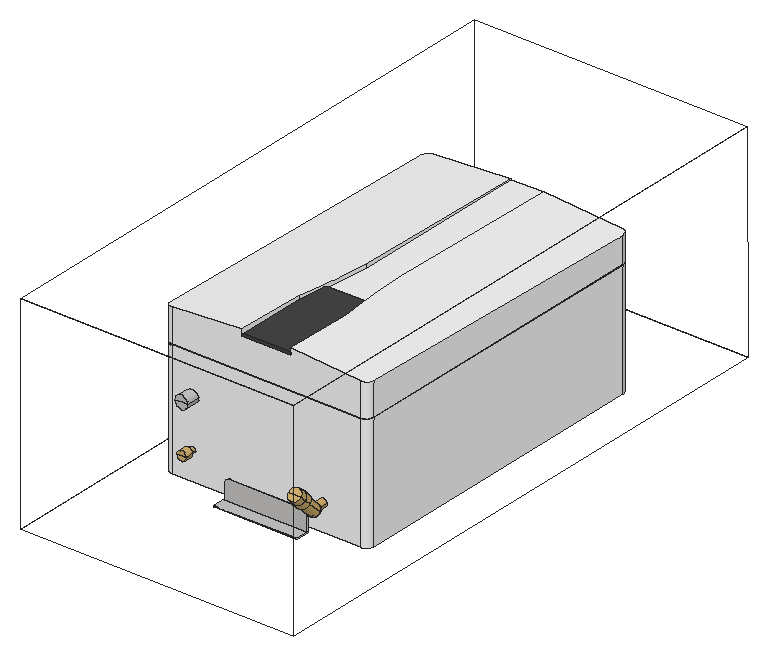
Revit family "Water_Heater-Navien-Condensing-NPE-S2", category Mechanical Equipment, host Face, Revit 2019
Family settings
  Host = Face
  Round Connector Dimension = Use Diameter
  Part Type = Normal
  OmniClass Number = 23.65.35.11
  OmniClass Title = Supply Water Heaters
  Cut with Voids When Loaded = No
  Shared = No
  Room Calculation Point = No
Parameters (values of type "NPE-150S2")
  Width = 17.30"  # constant formula
  Wi-Fi Ready = "NaviLink Wi‑Fi Control: This add-on accessory enables access to control temperatures remotely, access usage data and receive diagnostic notifications via smartphone or tablet."  # constant formula
  Weight = if(Constraints = 1, 73.00 lbf, if(Constraints = 2, 77.00 lbf, if(Constraints = 3, 77.00 lbf, 62.00 lbf)))  # 62.00 lbf
  Water Pressure = "15-150 psi"  # constant formula
  Warranty Note = "Heat Exchangers: 15 years limited warranty (Residential) | Parts: 5 years (Residential)"  # constant formula
  Warranty = "https://www.navieninc.com/warranties"
  Voltage = 120 V
  Version = "2019 - v1.0.a"  # constant formula
  Venting Type = "2\" or 3\" PVC, CPVC, approved polypropylene and stainless steel"  # constant formula
  Venting = "No Venting (Outdoor Installation Only)"  # constant formula
  URL = "https://www.navieninc.com"
  Propane Gas Supply Pressure = "8.0\" to 13\" WC"  # constant formula
  Propane Gas Manifold Pressure = if(Constraints = 1, "0.03\" to 0.55\" WC", if(Constraints = 2, "0.02\" to 0.76\" WC", if(Constraints = 3, "0.02\" to 0.96\" WC", "0.03\" to 0.40\" WC")))  # "0.03\" to 0.40\" WC"
  Product Page URL = "https://www.navieninc.com/products/npe-150s2"
  Product Name = "NPE-S2 Standard Series Tankless Water Heaters"  # constant formula
  Product Documentation Link = "https://www.navieninc.com/downloads/npe-2-quickfacts-en"
  Power Factor = 1
  Phase = 1
  Number of Poles = 1
  Natural Gas Supply Pressure = "3.5\" to 10.5\" WC"  # constant formula
  Natural Gas Manifold Pressure = if(Constraints = 1, "0.03\" to 0.55\" WC", if(Constraints = 2, "0.03\" to 0.76\" WC", if(Constraints = 3, "0.03\" to 0.96\" WC", "0.04\" to 0.40\" WC")))  # "0.04\" to 0.40\" WC"
  Model = if(Constraints = 1, "NPE-180S2", if(Constraints = 2, "NPE-210S2", if(Constraints = 3, "NPE-240S2", "NPE-150S2")))  # "NPE-150S2"
  Material = ""
  Manufacturer Phone Number = "(949) 420-0420"  # constant formula
  Manufacturer Fax Number = "(949) 420-0430"  # constant formula
  Manufacturer Address = "20 Goodyear, Irvine, CA 92618"  # constant formula
  Manufacturer = "Navien, Inc."  # constant formula
  Keynote = "22 33 00.A1"
  Intake = if([2" Exhaust/Intake], 2", 3")  # 2"
  Installation Type = "Outdoor Wall-Hung Only"  # constant formula
  Ignition = "Electronic ignition"  # constant formula
  Hot Water Inlet = 0.75"  # constant formula
  Height = 28.80"  # constant formula
  Heating Capacity Note = if(Constraints = 1, "10,000 to 150,000 BTUh", if(Constraints = 2, "12,000 to 180,000 BTUh", if(Constraints = 3, "13,300 to 199,990 BTUh", "18,000 to 120,000 BTUh")))  # "18,000 to 120,000 BTUh"
  Heating Capacity = 120000.0 Btu/h
  Gas Inlet = 3/4"  # constant formula
  Frequency = 60 Hz
  Finish = Metal - Navien - White
  Exhaust = if([2" Exhaust/Intake], 2", 3")  # 2"
  Description = "NPE-S2 Standard Condensing Tankless Gas Water Heaters"  # constant formula
  Depth = 13.20"  # constant formula
  Default Elevation = 48.00"
  Constraints = 4
  Cold Water Inlet = 0.75"  # constant formula
  Certifications = "Energy Star | AHRI | CSA | ASME | CSA Blue Star | CSA Blue Flame"  # constant formula
  Copyright = "All contents copyright © Navien Inc."  # constant formula
  Clearance [instance] = yes
  Assembly Code = "D3010500"
  Apparent Load = 0 VA
  3" Exhaust/Intake = not([2" Exhaust/Intake])  # no
  2" Exhaust/Intake = yes
Types (5): name | Weight | Propane Gas Manifold Pressure | Product Page URL | Natural Gas Manifold Pressure | Model | Heating Capacity Note | Heating Capacity | Constraints
  (no name) | 62.00 lbf | "0.03\" to 0.40\" WC" | "https://www.navieninc.com/products/npe-150s2" | "0.04\" to 0.40\" WC" | "NPE-150S2" | "18,000 to 120,000 BTUh" | 120000.0 Btu/h | 4
  NPE-150S2 | 62.00 lbf | "0.03\" to 0.40\" WC" | "https://www.navieninc.com/products/npe-150s2" | "0.04\" to 0.40\" WC" | "NPE-150S2" | "18,000 to 120,000 BTUh" | 120000.0 Btu/h | 4
  NPE-180S2 | 73.00 lbf | "0.03\" to 0.55\" WC" | "https://www.navieninc.com/products/npe-180s2" | "0.03\" to 0.55\" WC" | "NPE-180S2" | "10,000 to 150,000 BTUh" | 180000.0 Btu/h | 1
  NPE-210S2 | 77.00 lbf | "0.02\" to 0.76\" WC" | "https://www.navieninc.com/products/npe-210s2" | "0.03\" to 0.76\" WC" | "NPE-210S2" | "12,000 to 180,000 BTUh" | 199900.0 Btu/h | 2
  NPE-240S2 | 77.00 lbf | "0.02\" to 0.96\" WC" | "https://www.navieninc.com/products/npe-240s2" | "0.03\" to 0.96\" WC" | "NPE-240S2" | "13,300 to 199,990 BTUh" | 199900.0 Btu/h | 3
Reference planes (in)
  plane 1 "Center (Front/Back)": y = -4.04488
  plane 2: z = 0
  plane 3 "Center (Left/Right)": x = 0
  plane 4: y = 23.35512
  plane 5: z = 4.13479
  plane 6: z = 2.83479
  plane 7: z = 6.93479
  plane 8: x = -4.3
  plane 9: x = -1.1
  plane 10: x = 3.8
  plane 11: x = -1.58309
  plane 12: x = -0.61691
  plane 13: x = -8.65
  plane 14: x = 8.65
  plane 15: y = -5.54777
  plane 16: z = 13.63479
  plane 17: x = -6.35
  plane 18: x = 4.95
Forms (in)
  Extrusion 1, solid, material "Clearances - Navien", visible <- "Clearance"
    sketch origin (1.63086, 30.79844, 2.11678) x (0, 1, 0) y (-1, 0, 0)
      loop
        line (1.55667, 13.28086) -> (-46.84333, 13.28086) -> (-46.84333, -10.01914) -> (1.55667, -10.01914) -> (1.55667, 13.28086)
    from -2.11678 to 15.51801
  Extrusion 2, solid, material "Metal - Navien - White" <- "Finish", detail levels medium+fine
    sketch origin (0, 19.32383, 4.3925) x (0, 1, 0) y (-1, 0, 0)
      loop
        arc (4.03128, 8.01152) -> (3.84428, 8.46299) -> (3.3928, 8.65) r 0.63848
        line (3.3928, 8.65) -> (-23.08383, 8.65)
        arc (-23.08383, 8.65) -> (-23.53638, 8.46255) -> (-23.72383, 8.01) r 0.64
        line (-23.72383, 8.01) -> (-23.72383, -8.01)
        arc (-23.72383, -8.01) -> (-23.53638, -8.46255) -> (-23.08383, -8.65) r 0.64
        line (-23.08383, -8.65) -> (3.39128, -8.65)
        arc (3.39128, -8.65) -> (3.84383, -8.46255) -> (4.03128, -8.01) r 0.64
        line (4.03128, -8.01) -> (4.03128, 8.01152)
    from -3.95771 to 9.24229
  Extrusion 3, void
    sketch origin (0, -4.65537, 0.00239) x (1, 0, 0) y (0, 0.01873, 0.999825)
      loop
        line (-8.72631, 16.37015) -> (-8.72631, 13.06)
        arc (-8.72631, 13.06) -> (-0.03825, 13.5643) -> (8.65, 13.06305) r 75.31953
        line (8.65, 13.06305) -> (8.65, 16.37015) -> (-8.72631, 16.37015)
    from -30.16564 to 0
  Extrusion 4, solid, material "Metal - Navien - Stainless Steel"
    sketch origin (0, 19.32383, 4.3925) x (0, 1, 0) y (-1, 0, 0)
      loop
        arc (5.57658, 3.42656) -> (5.53922, 3.51678) -> (5.449, 3.55414) r 0.12758
        line (5.449, 3.55414) -> (4.03128, 3.55414) -> (4.03128, -3.55364) -> (5.44658, -3.55364)
        arc (5.44658, -3.55364) -> (5.53851, -3.51557) -> (5.57658, -3.42364) r 0.13
        line (5.57658, -3.42364) -> (5.57658, 3.42656)
    from -4.3925 to -4.34573
  Extrusion 5, solid, material "Metal - Navien - Brass, Soft Yellow"
    sketch origin (-1.77467, -4.04488, -1.96398) x (1, 0, 0) y (0, 0, 1)
      loop
        line (-3.9486, 5.4353) -> (-5.22362, 5.4353) -> (-5.22362, 4.19878) -> (-3.9486, 4.19878) -> (-3.9486, 5.4353)
    from 0 to 0.16762
  Revolve 6, solid, material "Metal - Navien - Brass, Soft Yellow"
    sketch origin (-15.42188, -184.40002, 2.83479) x (-1, 0, 0) y (0, -1, 0)
      loop
        line (-9.46599, -178.93223) -> (-9.46599, -179.54313) -> (-9.34567, -179.54313) -> (-9.34567, -180.18749) -> (-9.07188, -180.18749) -> (-9.07188, -178.93223) -> (-9.46599, -178.93223)
      axis (-9.07188, -178.93223) -> (-9.07188, -180.18749)
    angle from 0 to 360
  Revolve 7, solid, material "Metal - Navien - Stainless Steel"
    sketch origin (-7.55911, -184.40002, 6.93479) x (-1, 0, 0) y (0, -1, 0)
      loop
        line (-1.20911, -178.90209) -> (-1.75224, -178.90209) -> (-1.75224, -180.23014) -> (-1.20911, -180.23014) -> (-1.20911, -178.90209)
      axis (-1.20911, -178.90209) -> (-1.20911, -180.23014)
    angle from 0 to 360
  Extrusion 8, solid, material "Metal - Navien - Stainless Steel"
    sketch origin (-10.05546, -4.04488, 1.68998) x (1, 0, 0) y (0, 0, 1)
      loop
        circle (3.70567, 5.22402) r 0.68798
    from 0 to 0.12498
  Revolve 9, solid, material "Metal - Navien - Brass, Soft Yellow"
    sketch origin (-13.40348, -180, 2.83479) x (-1, 0, 0) y (0, -1, 0)
      loop
        line (-18.74055, -173.9908) -> (-18.74055, -174.27883) -> (-18.6676, -174.27883) -> (-18.6676, -175.45014) -> (-18.35348, -175.45014) -> (-18.35348, -173.9908) -> (-18.74055, -173.9908)
      axis (-18.35348, -175.45014) -> (-18.35348, -173.9908)
    angle from 0 to 360
  Extrusion 10, solid, material "Metal - Navien - White" <- "Finish", detail levels coarse
    sketch origin (0, 0, 0) x (1, 0, 0) y (0, 0, 1)
      loop
        line (-8.65, 0.43479) -> (8.65, 0.43479) -> (8.65, 13.63479) -> (-8.65, 13.63479) -> (-8.65, 0.43479)
    from -23.35512 to 4.4
  Extrusion 11, solid, material "Plastic - Navien - Black", detail levels medium+fine
    sketch origin (0, 19.32383, 7.8925) x (0, 1, 0) y (-1, 0, 0)
      loop
        line (-17.70052, 2.05834) -> (-23.72383, 2.05834) -> (-23.72383, -2.05834) -> (-17.70052, -2.05834)
        arc (-17.70052, -2.05834) -> (-16.66538, -1.92384) -> (-15.62887, -1.80041) r 97.62181
        arc (-15.62887, -1.80041) -> (-15.31942, -1.67223) -> (-15.19124, -1.36278) r 0.43763
        line (-15.19124, -1.36278) -> (-15.19124, 1.36278)
        arc (-15.19124, 1.36278) -> (-15.31942, 1.67223) -> (-15.62887, 1.80041) r 0.43763
        arc (-15.62887, 1.80041) -> (-16.66538, 1.92384) -> (-17.70052, 2.05834) r 97.62181
    from 5.12609 to 5.33449
  Extrusion 12, void
    sketch origin (0, 19.32383, 4.3925) x (0, 1, 0) y (-1, 0, 0)
      loop
        line (4.27822, -1.40632) -> (4.27822, 1.40632) -> (-11.30794, 1.40632)
        arc (-11.30794, 1.40632) -> (-14.5096, 1.67972) -> (-17.70052, 2.05834) r 97.62181
        line (-17.70052, 2.05834) -> (-25.30613, 2.05834) -> (-25.30613, -2.05834) -> (-17.70052, -2.05834)
        arc (-17.70052, -2.05834) -> (-14.5096, -1.67972) -> (-11.30794, -1.40632) r 97.62181
        line (-11.30794, -1.40632) -> (4.27822, -1.40632)
    from 8.62609 to 12
  Sweep 13, void
    path origin (0, 19.32266, 3.1425) x (0, 1, 0) y (-1, 0, 0)
      loop
        line (3.3928, 8.65) -> (-23.08383, 8.65)
        arc (-23.08383, 8.65) -> (-23.53638, 8.46255) -> (-23.72383, 8.01) r 0.64
        line (-23.72383, 8.01) -> (-23.72383, -8.01)
        arc (-23.72383, -8.01) -> (-23.53638, -8.46255) -> (-23.08383, -8.65) r 0.64
        line (-23.08383, -8.65) -> (3.39128, -8.65)
        arc (3.39128, -8.65) -> (3.84383, -8.46255) -> (4.03128, -8.01) r 0.64
        line (4.03128, -8.01) -> (4.03128, 8.01152)
        arc (4.03128, 8.01152) -> (3.84428, 8.46299) -> (3.3928, 8.65) r 0.63848
    profile origin (-8.65, 9.47714, 3.1425) x (1, 0, 0) y (0, 0, 1)
      loop
        line (0.09217, 7.20716) -> (-0.15783, 7.20716) -> (-0.15783, 7.09938) -> (0.09217, 7.09938) -> (0.09217, 7.20716)
  Extrusion 14, solid, material "Metal - Navien - Stainless Steel"
    sketch origin (0, 0, 45.93071) x (1, 0, 0) y (0, 0, 1)
      loop
        line (-3.51177, -45.88394) -> (3.51177, -45.88394) -> (3.51177, -45.32433)
        arc (3.51177, -45.32433) -> (3.36532, -44.97078) -> (3.01177, -44.82433) r 0.5
        line (3.01177, -44.82433) -> (-3.01033, -44.82433)
        arc (-3.01033, -44.82433) -> (-3.3649, -44.9712) -> (-3.51177, -45.32577) r 0.50144
        line (-3.51177, -45.32577) -> (-3.51177, -45.88394)
    from -23.43352 to -23.35512
  Extrusion 15, solid, material "Metal - Navien - Stainless Steel"
    sketch origin (0, -0.72383, 4.3925) x (0, -1, 0) y (1, 0, 0)
      loop
        line (4.86635, -3.42656) -> (4.86635, 3.42364)
        arc (4.86635, 3.42364) -> (4.82828, 3.51557) -> (4.73635, 3.55364) r 0.13
        line (4.73635, 3.55364) -> (3.67617, 3.55364) -> (3.67617, -3.55414) -> (4.73877, -3.55414)
        arc (4.73877, -3.55414) -> (4.82898, -3.51678) -> (4.86635, -3.42656) r 0.12758
    from -4.3925 to -4.34573
  Extrusion 16, solid, material "Metal - Navien - Stainless Steel"
    sketch origin (0, 18.6, 45.93071) x (1, 0, 0) y (0, 0, -1)
      loop
        line (-3.51177, 45.88394) -> (-3.51177, 44.70077)
        arc (-3.51177, 44.70077) -> (-3.3649, 44.3462) -> (-3.01033, 44.19933) r 0.50144
        line (-3.01033, 44.19933) -> (3.01177, 44.19933)
        arc (3.01177, 44.19933) -> (3.36532, 44.34578) -> (3.51177, 44.69933) r 0.5
        line (3.51177, 44.69933) -> (3.51177, 45.88394) -> (-3.51177, 45.88394)
    from -23.0784 to -23
  Extrusion 17, solid, material "Metal - Navien - White" <- "Finish", detail levels medium+fine
    sketch origin (0, -4.04488, 0) x (1, 0, 0) y (0, 0, 1)
      loop
        line (6.8996, 8.89711) -> (-6.6004, 8.89711)
        arc (-6.6004, 8.89711) -> (-6.9754, 8.52211) -> (-6.6004, 8.14711) r 0.375
        line (-6.6004, 8.14711) -> (6.8996, 8.14711)
        arc (6.8996, 8.14711) -> (7.2746, 8.52211) -> (6.8996, 8.89711) r 0.375
    from -26.76152 to -27.55666
  Extrusion 18, solid, material "Metal - Navien - Brass, Soft Yellow"
    sketch origin (9.52533, -4.04488, -1.96398) x (1, 0, 0) y (0, 0, 1)
      loop
        line (-3.9486, 5.4353) -> (-5.22362, 5.4353) -> (-5.22362, 4.19878) -> (-3.9486, 4.19878) -> (-3.9486, 5.4353)
    from 0 to 0.16762
  Revolve 19, solid, material "Metal - Navien - Brass, Soft Yellow"
    sketch origin (-9.85536, -36.18501, 33.34489) x (-0.952177, 0.216054, -0.216054) y (-0.305546, -0.673291, 0.673291)
      loop
        line (-2.40752, -43.12589) -> (-2.20611, -43.67926) -> (-2.2548, -43.69699) -> (-2.02154, -44.3236) -> (-1.94187, -44.29394) -> (-1.33024, -45.937)
        arc (-1.33024, -45.937) -> (-1.07976, -46.20442) -> (-0.71364, -46.21907) r 0.48299
        line (-0.71364, -46.21907) -> (-1.90591, -42.94332) -> (-2.40752, -43.12589)
      axis (-1.90591, -42.94332) -> (-0.71364, -46.21907)
    angle from 0 to 360
Cuts and joins
  Extrusion 3, Extrusion 12, Sweep 13 cuts Extrusion 2
  joined: Extrusion 2, Extrusion 17
Lines and regions (in)
  model lines, style "Clearance", visible <- "Clearance"
    curve 1: line (11.65, 32.35512, 17.63479) -> (11.65, -16.04488, 17.63479)
    curve 2: line (11.65, -16.04488, 17.63479) -> (-11.65, -16.04488, 17.63479)
    curve 3: line (-11.65, -16.04488, 17.63479) -> (-11.65, 32.35512, 17.63479)
    curve 4: line (-11.65, 32.35512, 17.63479) -> (11.65, 32.35512, 17.63479)
    curve 5: line (11.65, -16.04488, 17.63479) -> (11.65, -16.04488, 0)
    curve 6: line (-11.65, -16.04488, 17.63479) -> (-11.65, -16.04488, 0)
    curve 7: line (11.65, 32.35512, 17.63479) -> (11.65, 32.35512, 0)
    curve 8: line (-11.65, 32.35512, 17.63479) -> (-11.65, 32.35512, 0)
    curve 9: line (11.65, -16.04488, 0) -> (11.65, 32, 0)
    curve 10: line (-11.65, 32.35512, 0) -> (-11.65, -12, 0)
    curve 11: line (-11.65, -16.04488, 0) -> (11.65, -16.04488, 0)
    curve 12: line (11.65, 32.35512, 0) -> (-11.65, 32.35512, 0)
Dimensions and locks (in)
  cut or joined group of Extrusion 2, Extrusion 3, Extrusion 12, Sweep 13, Extrusion 17 to plane 5 = 3.70"
  plane 6 to cut or joined group of Extrusion 2, Extrusion 3, Extrusion 12, Sweep 13, Extrusion 17 = 2.40"
  plane 7 to cut or joined group of Extrusion 2, Extrusion 3, Extrusion 12, Sweep 13, Extrusion 17 = 6.50"
  plane 9 to plane 8 = 3.20"
  plane 10 to plane 9 = 4.90"
  plane 13 to plane 3 "Center (Left/Right)" to plane 14 = 8.65" locked, 8.65" locked
  plane 4 to plane 1 "Center (Front/Back)" to plane 15 = 27.40" locked, 1.50288" locked
  locked: plane 16 to level at 13.63479
  nested 1 to Extrusion 10 = 2.60"
  nested 2 to Extrusion 10 = 3.00"
  Extrusion 10 to nested 2 = 6.10"
  nested 2 to nested 1 = 6.70"
  Extrusion 10 to nested 1 = 4.50"
  nested 1 to nested 2 = 6.70"
  plane 17 to plane 13 = 2.30"
  plane 18 to plane 17 = 11.30"
  locked: Extrusion 1 sketch curve to plane 4 at 9
  locked: Extrusion 1 sketch curve to plane 1 "Center (Front/Back)" at 12  (x7)
  locked: nested 1 to plane 1 "Center (Front/Back)" at 27.4  (x2)
  locked: nested 1 to plane 1 "Center (Front/Back)" at 28.45722  (x2)
  locked: nested 1 to plane 1 "Center (Front/Back)" at 29.51443  (x2)
  locked: level to nested 1 at 1.0624  (x2)
  locked: level to nested 1 at 3.03479  (x2)
  locked: level to nested 1 at 5.00718  (x2)
  locked: nested 2 to plane 1 "Center (Front/Back)" at 27.4  (x2)
  locked: nested 2 to plane 1 "Center (Front/Back)" at 28.846  (x2)
  locked: nested 2 to plane 1 "Center (Front/Back)" at 30.292  (x2)
  locked: level to nested 2 at 5.45026  (x2)
  locked: level to nested 2 at 3.43479  (x2)
  locked: level to nested 2 at 1.41933  (x2)
  locked: host sketch curve to plane 1 "Center (Front/Back)" at 17.6  (x6)
  locked: host sketch curve to plane 1 "Center (Front/Back)" at 41.42539  (x6)
  locked: Extrusion 1 to plane 1 "Center (Front/Back)" at 36.4  (x2)
  locked: Extrusion 1 to plane 1 "Center (Front/Back)" at 12  (x2)
  locked: Extrusion 1 sketch curve to plane 1 "Center (Front/Back)" at 36.4  (x6)
  locked: Extrusion 1 to level at 17.63479  (x2)
  Extrusion 1 to level = 0.00"  (x2)
  locked: Extrusion 1 sketch curve to level at 2.11678  (x24)
  locked: Extrusion 2 sketch curve to plane 1 "Center (Front/Back)" at 27.4  (x10)
  locked: Extrusion 2 sketch curve to plane 1 "Center (Front/Back)" at 26.76  (x2)
  Extrusion 2 sketch curve to plane 1 "Center (Front/Back)" = 0.28488"  (x2)
  locked: Extrusion 2 sketch curve to plane 1 "Center (Front/Back)" at 26.76152  (x2)
  locked: Extrusion 2 sketch curve to level at 4.3925  (x48)
  locked: Extrusion 3 sketch curve to level at 13.06
  locked: Extrusion 3 sketch curve to level at 13.06305
  Extrusion 3 sketch curve to level = 16.36967"  (x3)
  locked: Extrusion 4 to plane 1 "Center (Front/Back)" at 28.9453
  Extrusion 4 to plane 1 "Center (Front/Back)" = 27.40"  (x2)
  locked: Extrusion 4 sketch curve to plane 1 "Center (Front/Back)" at 28.9453  (x10)
  locked: Extrusion 4 sketch curve to plane 1 "Center (Front/Back)" at 28.8153  (x2)
  locked: Extrusion 4 sketch curve to plane 1 "Center (Front/Back)" at 27.4  (x6)
  locked: Extrusion 4 sketch curve to plane 1 "Center (Front/Back)" at 28.81772  (x2)
  locked: Extrusion 4 sketch curve to level at 4.3925  (x36)
  locked: Extrusion 5 to plane 1 "Center (Front/Back)" at 0.16762  (x2)
  locked: Extrusion 5 to level at 2.23479  (x2)
  locked: Extrusion 5 to level at 3.47131  (x2)
  locked: Extrusion 5 sketch curve to level at 2.23479  (x6)
  locked: Extrusion 5 sketch curve to level at 3.47131  (x6)
  locked: Revolve 6 to plane 1 "Center (Front/Back)" at 1.42291  (x4)
  locked: Revolve 6 to plane 1 "Center (Front/Back)" at 0.81201  (x4)
  locked: Revolve 6 to plane 1 "Center (Front/Back)" at 0.16765  (x4)
  locked: Revolve 6 sketch curve to plane 1 "Center (Front/Back)" at 0.16765  (x6)
  locked: Revolve 6 sketch curve to plane 1 "Center (Front/Back)" at 0.81201  (x6)
  locked: Revolve 6 sketch curve to plane 1 "Center (Front/Back)" at 1.42291  (x6)
  locked: Revolve 6 sketch curve to level at 2.83479  (x42)
  locked: Revolve 7 to plane 1 "Center (Front/Back)" at 0.125  (x4)
  locked: Revolve 7 to plane 1 "Center (Front/Back)" at 1.45304  (x4)
  locked: Revolve 7 sketch curve to plane 1 "Center (Front/Back)" at 0.125  (x6)
  locked: Revolve 7 sketch curve to plane 1 "Center (Front/Back)" at 1.45304  (x6)
  locked: Revolve 7 sketch curve to level at 6.93479  (x30)
  locked: Extrusion 8 to plane 1 "Center (Front/Back)" at 0.12498  (x2)
  locked: Revolve 9 to plane 1 "Center (Front/Back)" at 1.96432  (x4)
  Revolve 9 to plane 1 "Center (Front/Back)" = 1.67629"  (x2)
  Revolve 9 to plane 1 "Center (Front/Back)" = 0.50498"  (x2)
  Revolve 9 sketch curve to plane 1 "Center (Front/Back)" = 0.50498"  (x3)
  Revolve 9 sketch curve to plane 1 "Center (Front/Back)" = 1.67629"  (x3)
  locked: Revolve 9 sketch curve to plane 1 "Center (Front/Back)" at 1.96432  (x6)
  locked: Revolve 9 sketch curve to level at 2.83479  (x42)
  locked: Extrusion 10 to plane 1 "Center (Front/Back)" at 27.4  (x2)
  Extrusion 10 sketch curve to plane 1 "Center (Front/Back)" = 4.04488"  (x12)
  locked: Extrusion 10 to level at 13.63479  (x2)
  locked: Extrusion 10 to level at 0.43479  (x2)
  locked: Extrusion 10 sketch curve to level at 13.63479  (x6)
  locked: Extrusion 10 sketch curve to level at 0.43479  (x6)
  locked: Extrusion 11 to level at 13.22699  (x2)
  locked: Extrusion 11 to level at 13.01859  (x2)
  Sweep 13 sketch curve to plane 1 "Center (Front/Back)" = 0.28371"  (x2)
  locked: Sweep 13 sketch curve to plane 1 "Center (Front/Back)" at 26.75883  (x2)
  locked: Sweep 13 sketch curve to plane 1 "Center (Front/Back)" at 27.39883  (x10)
  locked: Sweep 13 sketch curve to plane 1 "Center (Front/Back)" at 26.76035  (x2)
  Sweep 13 sketch curve to plane 1 "Center (Front/Back)" = 13.52203"  (x12)
  Sweep 13 sketch curve to level = 3.1425"  (x24)
  Sweep 13 sketch curve to level = 10.24188"  (x3)
  Sweep 13 sketch curve to level = 10.34966"  (x3)
  locked: Extrusion 14 to plane 1 "Center (Front/Back)" at 27.4  (x2)
  locked: Extrusion 14 to plane 1 "Center (Front/Back)" at 27.4784  (x2)
  Extrusion 14 sketch curve to plane 1 "Center (Front/Back)" = 4.04488"  (x18)
  locked: Extrusion 14 to level at 1.10638  (x2)
  locked: Extrusion 14 sketch curve to level at 1.10638  (x10)
  locked: Extrusion 14 sketch curve to level at 0.60638  (x2)
  locked: Extrusion 14 sketch curve to level at 0.60494  (x2)
  locked: Extrusion 15 to plane 1 "Center (Front/Back)" at 1.5453  (x2)
  locked: Extrusion 15 sketch curve to plane 1 "Center (Front/Back)" at 1.5453  (x10)
  locked: Extrusion 15 sketch curve to plane 1 "Center (Front/Back)" at 1.4153  (x2)
  locked: Extrusion 15 sketch curve to plane 1 "Center (Front/Back)" at 1.41772  (x2)
  locked: Extrusion 15 sketch curve to level at 4.3925  (x36)
  Extrusion 16 sketch curve to plane 1 "Center (Front/Back)" = 22.64488"  (x18)
  locked: Extrusion 16 to level at 1.73138  (x2)
  locked: Extrusion 16 sketch curve to level at 1.22994  (x2)
  locked: Extrusion 16 sketch curve to level at 1.73138  (x10)
  locked: Extrusion 16 sketch curve to level at 1.23138  (x2)
  locked: Extrusion 17 sketch curve to level at 8.89711  (x10)
  locked: Extrusion 17 sketch curve to level at 8.14711  (x10)
  locked: Extrusion 18 to plane 1 "Center (Front/Back)" at 0.16762  (x2)
  locked: Extrusion 18 to level at 2.23479  (x2)
  locked: Extrusion 18 to level at 3.47131  (x2)
  locked: Extrusion 18 sketch curve to level at 2.23479  (x6)
  locked: Extrusion 18 sketch curve to level at 3.47131  (x6)
  locked: Extrusion 2 sketch curve to plane 1 "Center (Front/Back)" at 0.28488  (x2)
  locked: Extrusion 2 sketch curve to plane 1 "Center (Front/Back)" at 0.35512  (x5)
  locked: Extrusion 3 sketch curve to plane 1 "Center (Front/Back)" at 0.36588
  locked: Extrusion 3 sketch curve to plane 1 "Center (Front/Back)" at 0.36582
  locked: Extrusion 3 sketch curve to plane 1 "Center (Front/Back)" at 0.30388  (x3)
  locked: Extrusion 3 sketch curve to level at 13.0601
  locked: Extrusion 3 sketch curve to level at 13.06315
  locked: Extrusion 3 sketch curve to level at 16.36967  (x3)
  Extrusion 4 to plane 1 "Center (Front/Back)" = 28.9453"
  locked: Revolve 9 to plane 1 "Center (Front/Back)" at 1.67629  (x2)
  locked: Revolve 9 to plane 1 "Center (Front/Back)" at 0.50498  (x2)
  locked: Revolve 9 sketch curve to plane 1 "Center (Front/Back)" at 0.50498  (x3)
  locked: Revolve 9 sketch curve to plane 1 "Center (Front/Back)" at 1.67629  (x3)
  locked: Extrusion 10 to plane 1 "Center (Front/Back)" at 0.35512
  locked: Extrusion 10 sketch curve to plane 1 "Center (Front/Back)" at 4.04488  (x12)
  locked: Extrusion 11 to plane 1 "Center (Front/Back)" at 0.35512
  locked: Extrusion 11 to plane 1 "Center (Front/Back)" at 8.17748
  locked: Extrusion 11 sketch curve to plane 1 "Center (Front/Back)" at 0.35512  (x3)
  locked: Extrusion 11 sketch curve to plane 1 "Center (Front/Back)" at 5.6682  (x2)
  locked: Extrusion 11 sketch curve to plane 1 "Center (Front/Back)" at 7.73985  (x4)
  locked: Extrusion 11 sketch curve to plane 1 "Center (Front/Back)" at 8.17748  (x5)
  locked: Extrusion 11 sketch curve to level at 7.8925  (x24)
  locked: Extrusion 12 sketch curve to plane 1 "Center (Front/Back)" at 5.6682  (x2)
  locked: Extrusion 12 sketch curve to plane 1 "Center (Front/Back)" at 12.06078  (x2)
  locked: Extrusion 12 sketch curve to plane 1 "Center (Front/Back)" at 1.93741  (x3)
  locked: Extrusion 12 sketch curve to plane 1 "Center (Front/Back)" at 27.64694  (x3)
  locked: Extrusion 12 sketch curve to level at 4.3925  (x24)
  locked: Sweep 13 sketch curve to plane 1 "Center (Front/Back)" at 0.28371  (x2)
  locked: Sweep 13 sketch curve to plane 1 "Center (Front/Back)" at 0.35629  (x5)
  locked: Sweep 13 sketch curve to plane 1 "Center (Front/Back)" at 13.52203  (x12)
  locked: Sweep 13 sketch curve to level at 3.1425  (x24)
  locked: Sweep 13 sketch curve to level at 10.24188  (x3)
  locked: Sweep 13 sketch curve to level at 10.34966  (x3)
  locked: Extrusion 14 sketch curve to plane 1 "Center (Front/Back)" at 4.04488  (x18)
  locked: Extrusion 15 to plane 1 "Center (Front/Back)" at 0.35512
  locked: Extrusion 15 sketch curve to plane 1 "Center (Front/Back)" at 0.35512  (x3)
  locked: Extrusion 16 to plane 1 "Center (Front/Back)" at 0.35512
  locked: Extrusion 16 to plane 1 "Center (Front/Back)" at 0.43352
  locked: Extrusion 16 sketch curve to plane 1 "Center (Front/Back)" at 22.64488  (x18)
  locked: Revolve 19 sketch curve to plane 1 "Center (Front/Back)" at 1.17543
  locked: Revolve 19 sketch curve to plane 1 "Center (Front/Back)" at 1.49856
  locked: Revolve 19 sketch curve to level at 2.38019
  locked: Revolve 19 sketch curve to level at 2.70333
  locked: Extrusion 1 sketch curve to plane 13 at 3
  locked: plane 14 to Extrusion 1 sketch curve at 3
  Extrusion 5 sketch curve to Extrusion 5 sketch curve to plane 3 "Center (Left/Right)" = 1.27502" locked, 5.72327" locked
  Revolve 6 sketch curve to Revolve 6 sketch curve to Revolve 6 sketch curve to plane 3 "Center (Left/Right)" = 0.00" locked, 0.27379" locked, 6.07621" locked
  Revolve 7 sketch curve to Revolve 7 sketch curve to plane 3 "Center (Left/Right)" = 0.54314" locked, 5.80686" locked
  locked: plane 3 "Center (Left/Right)" to Extrusion 8 sketch curve at 5.66182
  locked: Extrusion 8 sketch curve to level at 6.22602
  plane 3 "Center (Left/Right)" to Revolve 9 sketch curve to Revolve 9 sketch curve to Revolve 9 sketch curve = 4.95" locked, 0.00" locked, 0.31412" locked
  Extrusion 10 sketch curve to plane 3 "Center (Left/Right)" to Extrusion 10 sketch curve = 8.65" locked, 8.65" locked
  Extrusion 11 sketch curve to Extrusion 11 sketch curve to Extrusion 11 sketch curve to plane 3 "Center (Left/Right)" to Extrusion 11 sketch curve to Extrusion 11 sketch curve to Extrusion 11 sketch curve = 0.25794" locked, 0.43763" locked, 1.36278" locked, 1.36278" locked, 0.43763" locked, 0.25794" locked
  Extrusion 12 sketch curve to Extrusion 12 sketch curve to plane 3 "Center (Left/Right)" to Extrusion 12 sketch curve to Extrusion 12 sketch curve = 0.65202" locked, 1.40632" locked, 1.40632" locked, 0.65202" locked
  Sweep 13 sketch curve to Sweep 13 sketch curve to Sweep 13 sketch curve to plane 3 "Center (Left/Right)" to Sweep 13 sketch curve to Sweep 13 sketch curve to Sweep 13 sketch curve = 0.63848" locked, 0.00152" locked, 8.01" locked, 8.01" locked, 0.00" locked, 0.64" locked
  Extrusion 14 sketch curve to Extrusion 14 sketch curve to plane 3 "Center (Left/Right)" to Extrusion 14 sketch curve to Extrusion 14 sketch curve = 0.50" locked, 3.01177" locked, 3.01033" locked, 0.50144" locked
  Extrusion 15 sketch curve to Extrusion 15 sketch curve to plane 3 "Center (Left/Right)" to Extrusion 15 sketch curve to Extrusion 15 sketch curve = 0.12758" locked, 3.42656" locked, 3.42364" locked, 0.13" locked
  Extrusion 16 sketch curve to plane 3 "Center (Left/Right)" to Extrusion 16 sketch curve = 3.51177" locked, 3.51177" locked
  Extrusion 17 sketch curve to plane 3 "Center (Left/Right)" to Extrusion 17 sketch curve = 7.2746" locked, 6.9754" locked
  Extrusion 18 sketch curve to Extrusion 18 sketch curve to plane 3 "Center (Left/Right)" = 1.27502" locked, 4.30171" locked
  Revolve 19 sketch curve to Revolve 19 sketch curve to Revolve 19 sketch curve to Revolve 19 sketch curve to Revolve 19 sketch curve to Revolve 19 sketch curve to Revolve 19 sketch curve to Revolve 19 sketch curve to Revolve 19 sketch curve to plane 3 "Center (Left/Right)" = 0.02908" locked, 0.00156" locked, 0.02114" locked, 0.06379" locked, 0.08035" locked, 0.27889" locked, 0.08768" locked, 0.19062" locked, 4.88995" locked
  locked: plane 3 "Center (Left/Right)" to Extrusion 5 sketch curve at 6.99829
  locked: Revolve 6 sketch curve to plane 3 "Center (Left/Right)" at 6.35
  locked: Revolve 7 sketch curve to plane 3 "Center (Left/Right)" at 6.35
  Extrusion 11 sketch curve to plane 3 "Center (Left/Right)" to Extrusion 11 sketch curve = 2.05834" locked, 2.05834" locked
  Extrusion 12 sketch curve to plane 3 "Center (Left/Right)" to Extrusion 12 sketch curve = 1.40632" locked, 1.40632" locked
  plane 3 "Center (Left/Right)" to Sweep 13 sketch curve to Sweep 13 sketch curve = 8.55783" locked, 0.25" locked
  locked: plane 3 "Center (Left/Right)" to Extrusion 14 sketch curve at 3.51177
  Extrusion 15 sketch curve to plane 3 "Center (Left/Right)" to Extrusion 15 sketch curve = 3.55414" locked, 3.55364" locked
  locked: Sweep 13 sketch curve to plane 3 "Center (Left/Right)" at 8.65
  aligned and locked: plane 2 to host face
  aligned and locked: level to host face
  aligned and locked: curve 11 to Extrusion 1  (x2)
  aligned and locked: Extrusion 1 to curve 9
  aligned and locked: Extrusion 1 to plane 2
  aligned and locked: curve 12 to Extrusion 1  (x2)
  aligned and locked: curve 7 to Extrusion 1  (x2)
  aligned and locked: Extrusion 1 to curve 8
  aligned and locked: Extrusion 1 to curve 5
  aligned and locked: curve 6 to Extrusion 1  (x2)
  aligned and locked: curve 4 to Extrusion 1
  aligned and locked: Extrusion 1 to curve 10
  aligned and locked: curve 2 to Extrusion 1
  aligned and locked: curve 3 to Extrusion 1
  aligned and locked: curve 10 to Extrusion 1
  aligned and locked: Extrusion 1 to curve 11
  aligned and locked: curve 1 to Extrusion 1
  aligned and locked: curve 9 to Extrusion 1
  aligned and locked: Extrusion 1 to curve 12
  aligned and locked: curve 5 to Extrusion 1
  aligned and locked: curve 8 to Extrusion 1
Nested families (in)
  nested 1: "Intake_Exhaust" at (-4.15, 23.35512, 3.03479) x (-1, 0, 0) z (0, 1, 0), type "Intake_Exhaust"
    with Small Vent yes, Large Vent no
  nested 2: "Intake_Exhaust" at (2.55, 23.35512, 3.43479) x (1, 0, 0) z (0, 1, 0), type "Intake_Exhaust"
    with Small Vent no, Large Vent yes
Connectors (in)
  piping at (-6.35, -5.46779, 2.83479), diameter 0.75, driven by "Cold Water Inlet"
    settings: on Revolve 6, index 14, connector inside diameter 24", connector length 0.00", flow factor 0, pipe flow 0 GPM, pressure drop 0.00 psi, fitting loss kfactor 0, connector angle 0.00°, fixture units 0, engagement length 0.00", angle of deflection 0.00°, flow configuration 0, flow direction 2, fitting loss method 0, system type 19, joint type 0, gender type 0, connector reference index -1, connector utility 0, adjustable connector no, is connector primary yes, connector description "Hot Water Outlet"
  piping at (4.95, -6.0092, 2.83479), diameter 0.75, driven by "Hot Water Inlet"
    settings: on Revolve 9, index 15, connector inside diameter 24", connector length 0.00", flow factor 0, pipe flow 0 GPM, pressure drop 0.00 psi, fitting loss kfactor 0, connector angle 0.00°, fixture units 0, engagement length 0.00", angle of deflection 0.00°, flow configuration 0, flow direction 1, fitting loss method 0, system type 20, joint type 0, gender type 0, connector reference index -1, connector utility 0, adjustable connector no, is connector primary no, connector description "Cold Water Outlet"
  piping at (-6.35, -5.49793, 6.93479), diameter 0.75, driven by "Gas Inlet"
    settings: on Revolve 7, index 16, connector inside diameter 24", connector length 0.00", flow factor 0, pipe flow 0 GPM, pressure drop 0.00 psi, fitting loss kfactor 0, connector angle 0.00°, fixture units 0, engagement length 0.00", angle of deflection 0.00°, flow configuration 0, flow direction 1, fitting loss method 0, system type 22, joint type 0, gender type 0, connector reference index -1, connector utility 0, adjustable connector no, is connector primary no, connector description "Natural Gas Connection"
  hvac at (2.55, 26.10512, 3.43479), driven by "Exhaust"
    settings: on nested 2, index 17, duct flow 0 CFM, flow factor 0, pres drop 0.00 in-wg, loss coef 0, conn angle 0.00°, conn width 12", conn height 12", conn diameter 2", duct sys type 3, conn prof type 0, flow config 0, flow direction 2, loss method 0, conn ref index -1, conn util no, is conn primary yes, conn desc "Exhaust Vent Connection"
  hvac at (-4.15, 25.46955, 3.03479), driven by "Intake"
    settings: on nested 1, index 18, duct flow 0 CFM, flow factor 0, pres drop 0.00 in-wg, loss coef 0, conn angle 0.00°, conn width 12", conn height 12", conn diameter 2", duct sys type 1, conn prof type 0, flow config 0, flow direction 1, loss method 0, conn ref index -1, conn util no, is conn primary no, conn desc "Air Intake Connection"
Definition of nested family "Intake_Exhaust"
  Parameters (values of type "Intake_Exhaust")
    Small Vent [instance] = yes
    Large Vent [instance] = yes
    Finish = none
    Default Elevation = 48.00"
  Reference planes (in)
    plane 1 "Center (Front/Back)": y = 0
    plane 2: z = 0
    plane 3 "Center (Left/Right)": x = 0
    plane 4: x = -1.46602
    plane 5: x = 1.46602
    plane 6: y = -1.45577
  Forms (in)
    Extrusion 1, solid
      sketch origin (0, 0, 0) x (1, 0, 0) y (0, 1, 0)
        loop
          line (-48, 48) -> (-48, -48) -> (48, -48) -> (48, 48) -> (-48, 48)
      from 0 to -12
    Extrusion 2, solid, material <- "Finish", visible <- "Small Vent", detail levels fine
      sketch origin (0, 0, 0) x (1, 0, 0) y (0, 1, 0)
        loop
          arc (0.9965, 1.70215) -> (0.51624, 1.90363) -> (0, 1.97239) r 1.97239
          arc (0, 1.97239) -> (-0.51624, 1.90363) -> (-0.9965, 1.70215) r 1.97239
          line (-0.9965, 1.70215) -> (-1.43788, 1.70215)
          arc (-1.43788, 1.70215) -> (-1.60414, 1.64015) -> (-1.6892, 1.48443) r 0.25391
          line (-1.6892, 1.48443) -> (-1.6892, 1.0183)
          arc (-1.6892, 1.0183) -> (-1.90027, 0.52847) -> (-1.97239, 0) r 1.97239
          arc (-1.97239, 0) -> (-1.90027, -0.52847) -> (-1.6892, -1.0183) r 1.97239
          line (-1.6892, -1.0183) -> (-1.6892, -1.48443)
          arc (-1.6892, -1.48443) -> (-1.60414, -1.64015) -> (-1.43788, -1.70215) r 0.25391
          line (-1.43788, -1.70215) -> (-0.9965, -1.70215)
          arc (-0.9965, -1.70215) -> (-0.51624, -1.90363) -> (0, -1.97239) r 1.97239
          arc (0, -1.97239) -> (0.51624, -1.90363) -> (0.9965, -1.70215) r 1.97239
          line (0.9965, -1.70215) -> (1.43788, -1.70215)
          arc (1.43788, -1.70215) -> (1.60414, -1.64015) -> (1.6892, -1.48443) r 0.25391
          line (1.6892, -1.48443) -> (1.6892, -1.0183)
          arc (1.6892, -1.0183) -> (1.90027, -0.52847) -> (1.97239, 0) r 1.97239
          arc (1.97239, 0) -> (1.90027, 0.52847) -> (1.6892, 1.0183) r 1.97239
          line (1.6892, 1.0183) -> (1.6892, 1.48443)
          arc (1.6892, 1.48443) -> (1.60414, 1.64015) -> (1.43788, 1.70215) r 0.25391
          line (1.43788, 1.70215) -> (0.9965, 1.70215)
      from 0 to 0.34785
    Extrusion 3, solid, material <- "Finish", visible <- "Small Vent", detail levels fine
      sketch origin (0, 0, 0) x (1, 0, 0) y (0, 0, 1)
        loop
          line (-1.4392, 1.43851) -> (-1.57327, 1.43851) -> (-1.97024, 0.34785) -> (-1.4392, 0.34785) -> (-1.4392, 1.43851)
      from -0.0824 to 0.06448
    Extrusion 4, solid, material <- "Finish", visible <- "Small Vent", detail levels fine
      sketch origin (0, 0, 0) x (-1, 0, 0) y (0, 0, -1)
        loop
          line (-1.4392, -1.43851) -> (-1.4392, -0.34785) -> (-1.97024, -0.34785) -> (-1.57327, -1.43851) -> (-1.4392, -1.43851)
      from -0.0824 to 0.06448
    Extrusion 5, solid, material <- "Finish", visible <- "Small Vent", detail levels fine
      sketch origin (-0.01835, 0.01025, 0) x (0, 1, 0) y (0, 0, 1)
        loop
          line (-1.4624, 1.43851) -> (-1.58098, 1.43851) -> (-1.97795, 0.34785) -> (-1.4624, 0.34785) -> (-1.4624, 1.43851)
      from -0.06791 to 0.09876
    Extrusion 6, solid, material <- "Finish", visible <- "Small Vent", detail levels fine
      sketch origin (0, 0, 0) x (1, 0, 0) y (0, 1, 0)
        loop
          circle (0, 0) r 1.34645
        loop
          circle (0, 0) r 1.25
      from 0.17664 to 2.11443
    Extrusion 7, solid, material <- "Finish", visible <- "Small Vent", detail levels fine
      sketch origin (0, 0, 0) x (1, 0, 0) y (0, 1, 0)
        loop
          circle (0, 0) r 1.5792
        loop
          circle (0, 0) r 1.34645
      from 0 to 1.4562
    Extrusion 8, solid, material <- "Finish", detail levels coarse+medium
      sketch origin (0, 0, 0) x (1, 0, 0) y (0, 1, 0)
        loop
          line (-1.6892, 1.70215) -> (-1.6892, -1.70215) -> (1.6892, -1.70215) -> (1.6892, 1.70215) -> (-1.6892, 1.70215)
      from 0 to 0.34785
    Extrusion 9, solid, material <- "Finish", detail levels medium
      sketch origin (0, 0, 0) x (1, 0, 0) y (0, 1, 0)
        loop
          circle (0, 0) r 1.97239
      from 0 to 0.34785
    Extrusion 10, solid, material <- "Finish", detail levels coarse+medium
      sketch origin (0, 0, 0) x (1, 0, 0) y (0, 1, 0)
        loop
          circle (0, 0) r 1.34645
      from 0.34785 to 2.11443
    Extrusion 11, solid, material <- "Finish", visible <- "Large Vent", detail levels fine
      sketch origin (0, 0, 0) x (1, 0, 0) y (0, 1, 0)
        loop
          arc (0.9965, 1.70215) -> (0.51624, 1.90363) -> (0, 1.97239) r 1.97239
          arc (0, 1.97239) -> (-0.51624, 1.90363) -> (-0.9965, 1.70215) r 1.97239
          line (-0.9965, 1.70215) -> (-1.43788, 1.70215)
          arc (-1.43788, 1.70215) -> (-1.60414, 1.64015) -> (-1.6892, 1.48443) r 0.25391
          line (-1.6892, 1.48443) -> (-1.6892, 1.0183)
          arc (-1.6892, 1.0183) -> (-1.90027, 0.52847) -> (-1.97239, 0) r 1.97239
          arc (-1.97239, 0) -> (-1.90027, -0.52847) -> (-1.6892, -1.0183) r 1.97239
          line (-1.6892, -1.0183) -> (-1.6892, -1.48443)
          arc (-1.6892, -1.48443) -> (-1.60414, -1.64015) -> (-1.43788, -1.70215) r 0.25391
          line (-1.43788, -1.70215) -> (-0.9965, -1.70215)
          arc (-0.9965, -1.70215) -> (-0.51624, -1.90363) -> (0, -1.97239) r 1.97239
          arc (0, -1.97239) -> (0.51624, -1.90363) -> (0.9965, -1.70215) r 1.97239
          line (0.9965, -1.70215) -> (1.43788, -1.70215)
          arc (1.43788, -1.70215) -> (1.60414, -1.64015) -> (1.6892, -1.48443) r 0.25391
          line (1.6892, -1.48443) -> (1.6892, -1.0183)
          arc (1.6892, -1.0183) -> (1.81137, -0.78055) -> (1.90027, -0.52847) r 1.97239
          line (1.90027, -0.52847) -> (2.65027, -0.52847)
          arc (2.65027, -0.52847) -> (2.82705, -0.45525) -> (2.90027, -0.27847) r 0.25
          line (2.90027, -0.27847) -> (2.90027, 0.27847)
          arc (2.90027, 0.27847) -> (2.82705, 0.45525) -> (2.65027, 0.52847) r 0.25
          line (2.65027, 0.52847) -> (1.90027, 0.52847)
          arc (1.90027, 0.52847) -> (1.81137, 0.78055) -> (1.6892, 1.0183) r 1.97239
          line (1.6892, 1.0183) -> (1.6892, 1.48443)
          arc (1.6892, 1.48443) -> (1.60414, 1.64015) -> (1.43788, 1.70215) r 0.25391
          line (1.43788, 1.70215) -> (0.9965, 1.70215)
      from 0 to 0.34785
    Extrusion 12, solid, material <- "Finish", visible <- "Large Vent", detail levels fine
      sketch origin (-0.01835, 0.01025, 0) x (0, 1, 0) y (0, 0, 1)
        loop
          line (1.47418, 0.34785) -> (2.00522, 0.34785) -> (1.71369, 2.18851) -> (1.47418, 2.18851) -> (1.47418, 0.34785)
        loop
          line (-1.49468, 0.34785) -> (-1.49468, 2.18851) -> (-1.73419, 2.18851) -> (-2.02572, 0.34785) -> (-1.49468, 0.34785)
      from -0.06791 to 0.09876
    Extrusion 13, solid, material <- "Finish", visible <- "Large Vent", detail levels fine
      sketch origin (0, 0, 0) x (1, 0, 0) y (0, 1, 0)
        loop
          circle (0, 0) r 1.34645
        loop
          circle (0, 0) r 1.25
      from 0 to 0.34785
    Extrusion 14, solid, material <- "Finish", visible <- "Large Vent", detail levels fine
      sketch origin (0, 0, 0) x (1, 0, 0) y (0, 1, 0)
        loop
          circle (0, 0) r 1.5792
        loop
          circle (0, 0) r 1.34645
      from 1.21702 to 2.18851
    Extrusion 15, solid, material <- "Finish", detail levels coarse+medium
      sketch origin (0, 0, 0) x (1, 0, 0) y (0, 1, 0)
        loop
          line (-1.6892, 1.70215) -> (-1.6892, -1.70215) -> (1.6892, -1.70215) -> (1.6892, 1.70215) -> (-1.6892, 1.70215)
      from 0 to 0.34785
    Extrusion 16, solid, material <- "Finish", detail levels medium
      sketch origin (0, 0, 0) x (1, 0, 0) y (0, 1, 0)
        loop
          arc (1.90027, 0.52847) -> (-1.97239, 0) -> (1.90027, -0.52847) r 1.97239
          line (1.90027, -0.52847) -> (2.90027, -0.52847) -> (2.90027, 0.52847) -> (1.90027, 0.52847)
      from 0 to 0.34785
    Extrusion 17, solid, material <- "Finish", visible <- "Large Vent"
      sketch origin (0, 0, 0) x (1, 0, 0) y (0, 1, 0)
        loop
          circle (0, 0) r 1.5
      from 0.34785 to 2.75
    Extrusion 18, solid, material <- "Finish", visible <- "Large Vent", detail levels medium+fine
      sketch origin (-12, 0, 0) x (1, 0, 0) y (0, 0, 1)
        loop
          arc (14.65027, 1.21563) -> (14.49606, 1.58792) -> (14.12377, 1.74213) r 0.5265
          line (14.12377, 1.74213) -> (12.90027, 1.74213) -> (12.90027, 0.34785) -> (14.65027, 0.34785) -> (14.65027, 1.21563)
      from -0.28531 to 0.25119
    Extrusion 19, solid, material <- "Finish", visible <- "Large Vent", detail levels medium+fine
      sketch origin (-12, 0, 0) x (0, 1, 0) y (0, 0, 1)
        loop
          line (-0.40347, 0.34785) -> (0.41474, 0.34785) -> (0.41474, 1.807) -> (-0.40347, 1.807) -> (-0.40347, 0.34785)
      from 13.28684 to 13.90027
    Extrusion 20, solid, visible <- "Large Vent"
      sketch origin (-12, 0, 0) x (0, 1, 0) y (0, 0, 1)
        loop
          line (-1.22022, 2.77614) -> (-1.22022, 2.83068) -> (-1.55623, 2.83068) -> (-1.55623, 2.18851) -> (-1.51188, 2.18851) -> (-1.51188, 2.77614) -> (-1.22022, 2.77614)
        loop
          line (1.22022, 2.77614) -> (1.51188, 2.77614) -> (1.51188, 2.18851) -> (1.55623, 2.18851) -> (1.55623, 2.83068) -> (1.22022, 2.83068) -> (1.22022, 2.77614)
      from 11.39341 to 12.56507
    Extrusion 21, solid, visible <- "Large Vent"
      sketch origin (-12, 0, 0) x (1, 0, 0) y (0, 0, 1)
        loop
          line (13.22145, 2.18851) -> (13.34007, 2.18851) -> (13.34007, 2.78161) -> (13.60569, 2.78161) -> (13.60569, 2.892) -> (13.22145, 2.892) -> (13.22145, 2.18851)
        loop
          line (10.77855, 2.18851) -> (10.77855, 2.892) -> (10.39431, 2.892) -> (10.39431, 2.78161) -> (10.65993, 2.78161) -> (10.65993, 2.18851) -> (10.77855, 2.18851)
      from -0.52847 to 0.49369
  Dimensions and locks (in)
    aligned and locked: plane 2 to Extrusion 1
    aligned and locked: level to Extrusion 1
